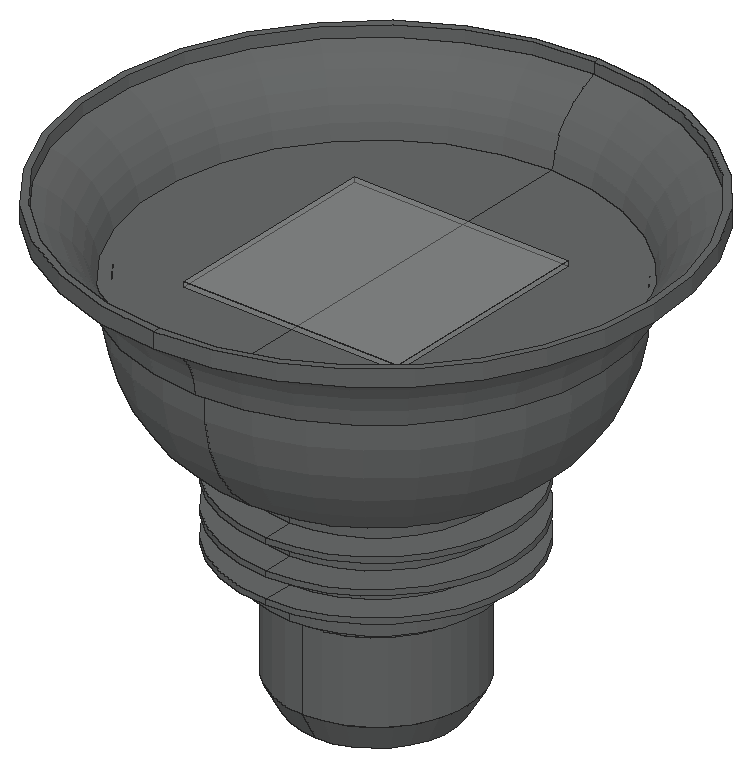
Revit family "Urban", category Lighting Fixtures, host Face, Revit 2021
Family settings
  Host = Face
  Round Connector Dimension = Use Diameter
  Part Type = Normal
  OmniClass Number = 23.80.70.14
  OmniClass Title = Luminaries for External Lighting
  Cut with Voids When Loaded = No
  Light Source = Yes
  Shared = No
  Room Calculation Point = No
Parameters (values of type "URBAN-BBT")
  Wattage Comments = "27-136 W"
  Wattage = 80 W
  Warranty = "Five year limited warranty"  # constant formula
  built-in parameter 1150110 = 1 (stored number, unit not read)
  Voltage = 120 V
  URL = "https://www.currentlighting.com/beacon"
  built-in parameter 1114217 = 1 (stored number, unit not read)
  Tilt Angle = -90.00°
  built-in parameter 1150109 = 1 (stored number, unit not read)
  built-in parameter 1150134 = (empty or 0)
  built-in parameter 1150113 = 1 (stored number, unit not read)
  Product Page URL = ""
  Product Documentation Link = ""
  Photometric Web File = "URB-21-36NB-80-5K-T5W.ies"
  Photometric Note = "For more photometric web file please refer to photometric link"  # constant formula
  Nominal Watts = 136 W
  Styles [instance] = Series : CAP-26
  Model = "Urban"  # constant formula
  Manufacturer = " BEACON PRODUCTS"  # constant formula
  built-in parameter 1150105 = 642.99 (stored number, unit not read)
  Lumens = 8080 lm
  built-in parameter 1150115 = 1 (stored number, unit not read)
  Load Classification = Lighting
  built-in parameter 1150137 = (empty or 0)
  built-in parameter 1150139 = (empty or 0)
  Light Bulb Material = Glass
  built-in parameter 1150112 = 1 (stored number, unit not read)
  built-in parameter 1150114 = 1 (stored number, unit not read)
  Lamp = "LED Lamp"
  built-in parameter 1150132 = (empty or 0)
  built-in parameter 1150102 = (empty or 0)
  built-in parameter 1150107 = 3000 (stored number, unit not read)
  built-in parameter 1150138 = (empty or 0)
  built-in parameter 1150106 = 6.4299 (stored number, unit not read)
  Finish = Paint -Basic Black Textured
  Features = "6 unique shade and style options\r\n20KV surge protection standard.\r\n2 sizes (large and small) offer a total appearance in all applications\r\nLED turtle-friendly option available\r\nDLC® (DesignLights Consortium) Qualified - see www.designlights.org"  # constant formula
  Emit from Rectangle Width = 10"  # constant formula
  Emit from Rectangle Length = 10"  # constant formula
  Emit Shape Visible in Rendering = no
  built-in parameter 1150104 = 9.3832 (stored number, unit not read)
  Dimming Lamp Color Temperature Shift = <None>
  Description = "In applications where a decorative LED luminaire is desired for roadway or area lighting, the Urban is your ultimate solution"  # constant formula
  Default Elevation = 48"
  Copyright = "© BEACON PRODUCTS"  # constant formula
  Color Filter = 16777215
  Certifications = "• DesignLights Consortium (DLC) qualified,\r\nconsult DLC website for more details: http://\r\n www.designlights.org/QPL\r\n• NRTL Certified, UL8750, UL 1598 and\r\nCSA22.2#250. 13-14 for wet locations\r\n• IDA approved"  # constant formula
  built-in parameter 1114218 = 1 (stored number, unit not read)
  built-in parameter 1150133 = 10 (stored number, unit not read)
  Apparent Load = 80 VA  # constant formula
Types (13): name | Nominal Watts | Styles | Finish
  (no name) | 136 W | Series : CAP-26 | Paint -Basic Black Textured
  URBAN-WHT | 136 W | Series : CAP-26 | Paint - White Texture
  URBAN-BBT | 136 W | Series : CAP-26 | Paint -Basic Black Textured
  URBAN-BMT | 80 W | Series : MRSS-26 | Paint - Black Matte Textured
  URBAN-MBT | 136 W | Series : MAR-26 | Paint - Metallic Bronze Textured
  URBAN-BZT | 136 W | Series : MAR-26 | Paint - Bronze Textured
  URBAN-DBT | 136 W | Series : MAR-26 | Paint - Dark Bronze Textured
  URBAN-GYS | 136 W | Series : MAR-26 | Paint - Gray Smooth
  URBAN-DPS | 136 W | Series : MRSS-26 | Paint -  Dark Platinum Smooth
  URBAN-GNT | 136 W | Series : MAR-26 | Paint -  Green Textured
  URBAN-MST | 136 W | Series : MAR-26 | Paint - Metallic Silver Textured
  URBAN-MTT | 136 W | Series : MAR-26 | Paint -  Metallic Titanium Textured
  URBAN-OWI | 136 W | Series : MAR-26 | Paint -  Old World Iron
Reference planes (in)
  plane 1 "Center (Front/Back)": y = 0.03999
  plane 2: z = 0
  plane 3 "Center (Left/Right)": x = 1.66944
  plane 4: z = 11
Lines and regions (in)
  reference lines
    curve 1: line (-15.83056, 0.03999, 11) -> (19.91944, 0.03999, 11)
Dimensions and locks (in)
  plane 4 to plane 2 = 11"
  aligned and locked: plane 2 to host face
  aligned and locked: level to host face
  aligned and locked: plane 3 "Center (Left/Right)" to nested 1
  aligned and locked: level to plane 2
  aligned and locked: plane 1 "Center (Front/Back)" to curve 1
  aligned and locked: plane 3 "Center (Left/Right)" to imposter light
Nested families (in)
  nested 1: "Series" at (0, 0, 0), type <- "Styles", Finish <- "Finish", type "CAP-26"
    with Finish Paint -Basic Black Textured, CAP-26-Cover yes, CAP-21-Cover no
Connectors (in)
  electrical at (1.66944, 0.03999, 0), driven by "Load Classification", driven by "Voltage", driven by "Apparent Load"
    settings: on nested 1, index 1, voltage 120 V, apparent load 80 VA, apparent load phase1 0 VA, apparent load phase2 0 VA, apparent load phase3 0 VA, power factor 1, load classification "Lighting", number of poles 1, system type 30, power factor state 1, is connector primary yes, connector utility no, sub classification motor no, connector description "Electrical Connector"
Definition of nested family "Series"
  Parameters
    Wattage Comments = ""
    Voltage = ""
    URL = "http://www.beaconproducts.com/"
    Product Page URL = ""
    Product Documentation Link = ""
    Nominal Watts = 0 W
    Model = ""
    Manufacturer Phone = "800-345-4928"  # constant formula
    Manufacturer Fax = "941-751-5535"  # constant formula
    Manufacturer = "Beacon Lighting"  # constant formula
    MRSS-26-Cover = no
    MRDS-26-Cover = no
    MRDS-21-Cover = no
    MAR-26-Cover = no
    MAR-21-Cover = no
    Lamp = ""
    Glass = none
    Finish [instance] = none
    Description = ""  # constant formula
    Default Elevation = 48"
    CAP-26-Cover = no
    CAP-21-Cover = yes
    Apparent Load = 0 VA
  Reference planes (in)
    plane 1 "Center (Front/Back)": y = 0.03999
    plane 2: z = 0
    plane 3 "Center (Left/Right)": x = 1.66944
    plane 4: y = 10.53999
    plane 5: y = -10.46001
    plane 6: z = 21
    plane 7: z = 18
    plane 8: z = 21.75
    plane 9: y = 13.03999
    plane 10: y = -12.96001
    plane 11: z = 10.875
    plane 12: z = 17.9
    plane 13: z = 21.3
    plane 14: z = 18.9
  Forms (in)
    Extrusion 1, solid
      sketch origin (0, 0, 0.06357) x (1, 0, 0) y (0, 1, 0)
        loop
          line (-48, 48) -> (-48, -48) -> (48, -48) -> (48, 48) -> (-48, 48)
      from -0.06357 to -17.74365
    Revolve 2, solid, material <- "Finish", visible <- "CAP-26-Cover"
      sketch origin (1.66944, 0, 0) x (0, 1, 0) y (0, 0, 1)
        loop
          line (-12.96001, 21.75) -> (-12.96001, 21)
          arc (-12.96001, 21) -> (-11.24461, 19.88783) -> (-10.46001, 18) r 3.44949
          line (-10.46001, 18) -> (-9.96001, 18)
          arc (-9.96001, 18) -> (-8.79626, 13.50571) -> (-4.97103, 10.875) r 6.63359
          line (-4.97103, 10.875) -> (-4.97103, 10.22744) -> (-6.39643, 10.22744) -> (-6.39643, 9.97744) -> (-4.97103, 9.97744) -> (-4.97103, 8.85191) -> (-6.39643, 8.85191) -> (-6.39643, 8.60191) -> (-4.97103, 8.60191) -> (-4.97103, 7.66185) -> (-6.39643, 7.66185) -> (-6.39643, 7.41185) -> (-4.97103, 7.41185) -> (-4.97103, 6.125) -> (-4.72103, 6.125)
          arc (-4.72103, 6.125) -> (-4.36748, 5.97855) -> (-4.22103, 5.625) r 0.5
          line (-4.22103, 5.625) -> (-4.22103, 1.875) -> (-3.47103, 0.57596) -> (0.03999, 0.57596) -> (0.03999, 8.75998) -> (-4.46001, 8.75998) -> (-4.46001, 11.07283)
          arc (-4.46001, 11.07283) -> (-8.42819, 13.50906) -> (-9.6583, 18) r 6.33359
          line (-9.6583, 18) -> (0.03999, 18) -> (0.03999, 18.3) -> (-10.19678, 18.3)
          arc (-10.19678, 18.3) -> (-11.02865, 20.09719) -> (-12.66001, 21.21994) r 3.74949
          line (-12.66001, 21.21994) -> (-12.66001, 21.75) -> (-12.96001, 21.75)
        axis (0.03999, 21.75) -> (0.03999, 0.57596)
      angle from 0 to 360
    Revolve 3, solid, material <- "Glass", not visible
      sketch origin (1.66944, 0, 0) x (0, 1, 0) y (0, 0, 1)
        loop
          line (-4.46001, 11.07283) -> (-4.46001, 10.875) -> (0.03999, 10.875) -> (0.03999, 11.07283) -> (-4.46001, 11.07283)
        axis (0.03999, 11.07283) -> (0.03999, 10.875)
      angle from 0 to 360
    Revolve 4, solid, material <- "Finish", visible <- "MRDS-26-Cover"
      sketch origin (1.66944, 0, 0) x (0, 1, 0) y (0, 0, 1)
        loop
          line (-10.46001, 18) -> (-9.96001, 18) -> (-4.97103, 10.875) -> (-4.97103, 10.22744) -> (-6.39643, 10.22744) -> (-6.39643, 9.97744) -> (-4.97103, 9.97744) -> (-4.97103, 8.85191) -> (-6.39643, 8.85191) -> (-6.39643, 8.60191) -> (-4.97103, 8.60191) -> (-4.97103, 7.66185) -> (-6.39643, 7.66185) -> (-6.39643, 7.41185) -> (-4.97103, 7.41185) -> (-4.97103, 6.125) -> (-4.72103, 6.125)
          arc (-4.72103, 6.125) -> (-4.36748, 5.97855) -> (-4.22103, 5.625) r 0.5
          line (-4.22103, 5.625) -> (-4.22103, 1.875) -> (-3.47103, 0.57596) -> (0.03999, 0.57596) -> (0.03999, 8.75998) -> (-4.46001, 8.75998) -> (-4.46001, 11.06623) -> (-9.49795, 18) -> (0.03999, 18) -> (0.03999, 18.19206) -> (-10.22954, 18.19206) -> (-12.5695, 21) -> (-12.96001, 21) -> (-10.46001, 18)
        axis (0.03999, 21) -> (0.03999, 0.57596)
      angle from 0 to 360
    Revolve 5, solid, material <- "Glass", not visible
      sketch origin (1.66944, 0, 0) x (0, 1, 0) y (0, 0, 1)
        loop
          line (-4.46001, 11.06623) -> (-4.46001, 10.875) -> (0.03999, 10.875) -> (0.03999, 11.06623) -> (-4.46001, 11.06623)
        axis (0.03999, 11.06623) -> (0.03999, 10.875)
      angle from 0 to 360
    Revolve 6, solid, material <- "Finish", visible <- "CAP-21-Cover"
      sketch origin (1.66944, 0, 0) x (0, 1, 0) y (0, 0, 1)
        loop
          line (0.03999, 0.57596) -> (0.03999, 6.125) -> (-4.46001, 6.125) -> (-4.46001, 9.77938)
          arc (-4.46001, 9.77938) -> (-6.31247, 11.67778) -> (-6.95995, 14.25) r 5.09602
          line (-6.95995, 14.25) -> (0.03999, 14.25) -> (0.03999, 14.55) -> (-7.69678, 14.55)
          arc (-7.69678, 14.55) -> (-8.51833, 16.35589) -> (-10.16001, 17.46994) r 3.6685
          line (-10.16001, 17.46994) -> (-10.16001, 18) -> (-10.46001, 18) -> (-10.46001, 17.25)
          arc (-10.46001, 17.25) -> (-8.76148, 16.12377) -> (-7.96001, 14.25) r 3.55688
          line (-7.96001, 14.25) -> (-7.46001, 14.25)
          arc (-7.46001, 14.25) -> (-6.81906, 11.56322) -> (-4.97103, 9.51033) r 5.59602
          line (-4.97103, 9.51033) -> (-4.97103, 4.47336) -> (-4.74058, 4.47336)
          arc (-4.74058, 4.47336) -> (-4.38702, 4.32691) -> (-4.24058, 3.97336) r 0.5
          line (-4.24058, 3.97336) -> (-4.24058, 1.90885) -> (-3.47103, 0.57596) -> (0.03999, 0.57596)
        axis (0.03999, 18) -> (0.03999, 0.57596)
      angle from 0 to 360
    Revolve 7, solid, material <- "Finish", visible <- "MRSS-26-Cover"
      sketch origin (1.66944, 0, 0) x (0, 1, 0) y (0, 0, 1)
        loop
          line (0.03999, 0.57596) -> (0.03999, 6.125) -> (-4.67124, 6.125) -> (-4.67124, 8.86672) -> (-9.42631, 14.25) -> (0.03999, 14.25) -> (0.03999, 14.65) -> (-10.24594, 14.65) -> (-12.47927, 18) -> (-12.96001, 18) -> (-10.46001, 14.25) -> (-9.96001, 14.25) -> (-4.97103, 8.60191) -> (-4.97103, 4.47336) -> (-4.24058, 4.47336) -> (-4.24058, 1.90885) -> (-3.47103, 0.57596) -> (0.03999, 0.57596)
        axis (0.03999, 18) -> (0.03999, 0.57596)
      angle from 0 to 360
    Revolve 8, solid, material <- "Glass", not visible
      sketch origin (1.66944, 0, 0) x (0, 1, 0) y (0, 0, 1)
        loop
          line (-4.67124, 8.86672) -> (-4.67124, 8.59693) -> (0.03999, 8.59693) -> (0.03999, 8.86672) -> (-4.67124, 8.86672)
        axis (0.03999, 8.86672) -> (0.03999, 8.59693)
      angle from 0 to 360
    Revolve 9, solid, material <- "Finish", visible <- "MAR-26-Cover"
      sketch origin (1.66944, 0, 0) x (0, 1, 0) y (0, 0, 1)
        loop
          line (0.03999, 0.57596) -> (0.03999, 8.30231) -> (-4.27124, 8.30231) -> (-4.27124, 10.875)
          arc (-4.27124, 10.875) -> (-5.50997, 15.10562) -> (-8.83491, 18) r 7.84376
          line (-8.83491, 18) -> (0.03999, 18) -> (0.03999, 18.4) -> (-10.26122, 18.4) -> (-12.45818, 21.3) -> (-12.96001, 21.3) -> (-10.46001, 18) -> (-10.31001, 18)
          arc (-10.31001, 18) -> (-6.48792, 15.31169) -> (-5.02124, 10.875) r 7.44376
          line (-5.02124, 10.875) -> (-5.02124, 10.22744) -> (-6.39643, 10.22744) -> (-6.39643, 9.97744) -> (-5.02124, 9.97744) -> (-5.02124, 8.85191) -> (-6.39643, 8.85191) -> (-6.39643, 8.60191) -> (-5.02124, 8.60191) -> (-5.02124, 7.66185) -> (-6.39643, 7.66185) -> (-6.39643, 7.41185) -> (-5.02124, 7.41185) -> (-5.02124, 6.125) -> (-4.24058, 6.125) -> (-4.24058, 1.90885) -> (-3.47103, 0.57596) -> (0.03999, 0.57596)
        axis (0.03999, 21.3) -> (0.03999, 0.57596)
      angle from 0 to 360
    Revolve 10, solid, material <- "Glass", not visible
      sketch origin (1.66944, 0, 0) x (0, 1, 0) y (0, 0, 1)
        loop
          line (-4.46001, 11.07283) -> (-4.46001, 10.875) -> (0.03999, 10.875) -> (0.03999, 11.07283) -> (-4.46001, 11.07283)
        axis (0.03999, 11.07283) -> (0.03999, 10.875)
      angle from 0 to 360
    Revolve 11, solid, material <- "Finish", visible <- "MAR-21-Cover"
      sketch origin (1.66944, 0, 0) x (0, 1, 0) y (0, 0, 1)
        loop
          line (0.03999, 0.57596) -> (0.03999, 10.22744) -> (-3.84058, 10.22744)
          arc (-3.84058, 10.22744) -> (-4.83445, 13.62024) -> (-7.50188, 15.94052) r 6.28798
          line (-7.50188, 15.94052) -> (0.03999, 15.94052) -> (0.03999, 16.28548) -> (-8.44369, 16.28548) -> (-9.9949, 18.9) -> (-10.46001, 18.9) -> (-8.70412, 15.94052)
          arc (-8.70412, 15.94052) -> (-5.48876, 13.85244) -> (-4.24058, 10.22744) r 5.88798
          line (-4.24058, 10.22744) -> (-4.24058, 6.125) -> (-3.72103, 6.125) -> (-3.72103, 1.00897) -> (-3.47103, 0.57596) -> (0.03999, 0.57596)
        axis (0.03999, 18.9) -> (0.03999, 0.57596)
      angle from 0 to 360
    Revolve 12, solid, material <- "Glass", not visible
      sketch origin (1.66944, 0, 0) x (0, 1, 0) y (0, 0, 1)
        loop
          line (-4.03198, 11.07283) -> (-4.03198, 10.875) -> (0.03999, 10.875) -> (0.03999, 11.07283) -> (-4.03198, 11.07283)
        axis (0.03999, 11.07283) -> (0.03999, 10.875)
      angle from 0 to 360
    Revolve 13, solid, material <- "Finish", visible <- "MRDS-21-Cover"
      sketch origin (1.66944, 0, 0) x (0, 1, 0) y (0, 0, 1)
        loop
          line (0.03999, 0.57596) -> (0.03999, 8.97465) -> (-4.03832, 8.97465) -> (-4.03832, 10.37439) -> (-8.08235, 15.94052) -> (0.03999, 15.94052) -> (0.03999, 16.19052) -> (-8.59246, 16.19052) -> (-10.12432, 17.9) -> (-10.46001, 17.9) -> (-8.70412, 15.94052) -> (-8.39137, 15.94052) -> (-4.24058, 10.22744) -> (-4.24058, 1.90885) -> (-3.49701, 0.57596) -> (0.03999, 0.57596)
        axis (0.03999, 17.9) -> (0.03999, 0.57596)
      angle from 0 to 360
    Revolve 14, solid, material <- "Glass", not visible
      sketch origin (1.66944, 0, 0) x (0, 1, 0) y (0, 0, 1)
        loop
          line (-4.03832, 10.37439) -> (-4.03832, 9.97744) -> (0.03999, 9.97744) -> (0.03999, 10.37439) -> (-4.03832, 10.37439)
        axis (0.03999, 10.37439) -> (0.03999, 9.97744)
      angle from 0 to 360
    Extrusion 15, solid, material <- "Glass", visible <- "CAP-21-Cover"
      sketch origin (0, 0, 0) x (1, 0, 0) y (0, 1, 0)
        loop
          line (-2.33056, 4.03999) -> (-2.33056, -3.96001) -> (5.66944, -3.96001) -> (5.66944, 4.03999) -> (-2.33056, 4.03999)
      from 14.55 to 14.8
    Extrusion 16, solid, material <- "Glass", visible <- "CAP-26-Cover"
      sketch origin (0, 0, -1.25) x (1, 0, 0) y (0, 1, 0)
        loop
          line (-3.33056, 5.03999) -> (-3.33056, -4.96001) -> (6.66944, -4.96001) -> (6.66944, 5.03999) -> (-3.33056, 5.03999)
      from 19.55 to 19.8
    Extrusion 17, solid, material <- "Glass", visible <- "MAR-21-Cover"
      sketch origin (0, 0, -3.5) x (1, 0, 0) y (0, 1, 0)
        loop
          line (-2.33056, 4.03999) -> (-2.33056, -3.96001) -> (5.66944, -3.96001) -> (5.66944, 4.03999) -> (-2.33056, 4.03999)
      from 19.78548 to 20.03548
    Extrusion 18, solid, material <- "Glass", visible <- "MAR-26-Cover"
      sketch origin (0, 0, -4.75) x (1, 0, 0) y (0, 1, 0)
        loop
          line (-3.33056, 5.03999) -> (-3.33056, -4.96001) -> (6.66944, -4.96001) -> (6.66944, 5.03999) -> (-3.33056, 5.03999)
      from 23.15 to 23.4
    Extrusion 19, solid, material <- "Glass", visible <- "MRDS-21-Cover"
      sketch origin (0, 0, -2) x (1, 0, 0) y (0, 1, 0)
        loop
          line (-2.33056, 4.03999) -> (-2.33056, -3.96001) -> (5.66944, -3.96001) -> (5.66944, 4.03999) -> (-2.33056, 4.03999)
      from 18.19052 to 18.44052
    Extrusion 20, solid, material <- "Glass", visible <- "MRDS-26-Cover"
      sketch origin (0, 0, 1.25) x (1, 0, 0) y (0, 1, 0)
        loop
          line (-3.33056, 5.03999) -> (-3.33056, -4.96001) -> (6.66944, -4.96001) -> (6.66944, 5.03999) -> (-3.33056, 5.03999)
      from 16.94206 to 17.19206
    Extrusion 21, solid, material <- "Glass", visible <- "MRSS-26-Cover"
      sketch origin (0, 0, -4.62465) x (1, 0, 0) y (0, 1, 0)
        loop
          line (-3.33056, 5.03999) -> (-3.33056, -4.96001) -> (6.66944, -4.96001) -> (6.66944, 5.03999) -> (-3.33056, 5.03999)
      from 19.27465 to 19.52465
    Extrusion 22, solid, material <- "Finish"
      sketch origin (0, 0, 0) x (1, 0, 0) y (0, 1, 0)
        loop
          circle (1.66944, 0.03999) r 0.75
      from 0 to 0.57596
  Dimensions and locks (in)
    equal spacing: plane 4, plane 1 "Center (Front/Back)", plane 5
    locked: plane 1 "Center (Front/Back)" to plane 5 at 10.5
    locked: plane 6 to plane 2 at 21
    locked: plane 7 to plane 2 at 18
    locked: plane 8 to plane 2 at 21.75
    locked: plane 1 "Center (Front/Back)" to plane 10 at 13
    equal spacing: plane 9, plane 1 "Center (Front/Back)", plane 10
    equal spacing: plane 8, plane 11, plane 2
    locked: plane 12 to plane 2 at 17.9
    locked: plane 13 to plane 2 at 21.3
    plane 14 to plane 2 = 18.9"
    aligned and locked: plane 2 to Extrusion 1
    aligned and locked: level to Extrusion 1
    aligned and locked: Revolve 2 sketch curve to plane 8
    aligned and locked: plane 1 "Center (Front/Back)" to Revolve 2 sketch curve
    aligned and locked: plane 1 "Center (Front/Back)" to Revolve 3 sketch curve  (x2)
    aligned and locked: Revolve 3 sketch curve to Revolve 2  (x2)
    aligned and locked: Revolve 2 sketch curve to Revolve 2 sketch curve  (x2)
    aligned and locked: plane 11 to Revolve 3 sketch curve
    aligned and locked: plane 1 "Center (Front/Back)" to Revolve 4 sketch curve
    aligned and locked: plane 1 "Center (Front/Back)" to Revolve 5 sketch curve  (x2)
    aligned and locked: Revolve 2 to Revolve 5 sketch curve
    aligned and locked: plane 1 "Center (Front/Back)" to Revolve 6 sketch curve  (x2)
    aligned and locked: plane 1 "Center (Front/Back)" to Revolve 7 sketch curve  (x2)
    aligned and locked: Revolve 8 sketch curve to Revolve 7  (x2)
    aligned and locked: plane 1 "Center (Front/Back)" to Revolve 8 sketch curve
    aligned and locked: Revolve 8 sketch curve to Revolve 8 sketch curve
    aligned and locked: plane 1 "Center (Front/Back)" to Revolve 9 sketch curve
    aligned and locked: plane 1 "Center (Front/Back)" to Revolve 10 sketch curve  (x2)
    aligned and locked: Revolve 10 sketch curve to Revolve 2  (x2)
    aligned and locked: Revolve 2 to Revolve 10 sketch curve
    aligned and locked: plane 1 "Center (Front/Back)" to Revolve 11 sketch curve
    aligned and locked: Revolve 11 sketch curve to Revolve 11 sketch curve
    aligned and locked: Revolve 12 sketch curve to Revolve 2
    aligned and locked: Revolve 2 to Revolve 12 sketch curve
    aligned and locked: plane 1 "Center (Front/Back)" to Revolve 12 sketch curve  (x2)
    aligned and locked: plane 1 "Center (Front/Back)" to Revolve 13 sketch curve
    aligned and locked: plane 1 "Center (Front/Back)" to Revolve 14 sketch curve  (x2)
    aligned and locked: Revolve 14 sketch curve to Revolve 13  (x2)
    aligned and locked: Revolve 14 sketch curve to Revolve 2
  Automatic sketch dimensions
    Extrusion 1 sketch curve to Extrusion 1 sketch curve = 96"  (x2)
    Revolve 2 sketch curve to Revolve 2 sketch curve = 0"  (x7)
    Revolve 2 sketch curve to plane 6 = 0"
    Revolve 2 sketch curve to plane 10 = 0"
    Revolve 2 sketch curve to plane 5 = 0"
    Revolve 2 sketch curve to plane 7 = 0"  (x2)
    Revolve 2 sketch curve to plane 11 = 0"
    Revolve 2 sketch curve to plane 1 "Center (Front/Back)" = 0"
    Revolve 2 sketch curve to plane 12 = 0.22047"
    Revolve 2 sketch curve to Revolve 2 sketch curve = 0.3"
    Revolve 2 sketch curve to plane 5 = 0.26322"
    Revolve 2 sketch curve to Revolve 2 sketch curve = 0.23678"
    Revolve 2 sketch curve to Revolve 2 sketch curve = 0.30171"
    Revolve 2 sketch curve to plane 11 = 0.89756"
    Revolve 2 sketch curve to plane 5 = 4.06358"
    Revolve 2 sketch curve to Revolve 2 sketch curve = 1.4254"
    Revolve 2 sketch curve to Revolve 2 sketch curve = 1/4"  (x4)
    plane 11 to Revolve 2 sketch curve = 0.19783"
    Revolve 2 sketch curve to Revolve 2 sketch curve = 0.51102"
    Revolve 2 sketch curve to Revolve 2 sketch curve = 1/2"
    Revolve 2 sketch curve to Revolve 2 sketch curve = 3/4"
    Revolve 2 sketch curve to Revolve 2 sketch curve = 1.29904"
    Revolve 2 sketch curve to Revolve 2 sketch curve = 3 3/4"
    Revolve 2 sketch curve to Revolve 2 sketch curve = 1.28685"
    Revolve 2 sketch curve to Revolve 2 sketch curve = 0.94006"
    Revolve 2 sketch curve to Revolve 2 sketch curve = 0.15807"
    plane 7 to Revolve 2 sketch curve = 0.3"
    plane 8 to Revolve 2 sketch curve = 3.05"
    Revolve 3 sketch curve to level = 7"
    plane 8 to Revolve 3 sketch curve = 7 1/2"
    Revolve 4 sketch curve to plane 6 = 0"
    Revolve 4 sketch curve to plane 10 = 0"
    Revolve 4 sketch curve to plane 5 = 0"
    Revolve 4 sketch curve to plane 7 = 0"  (x2)
    Revolve 4 sketch curve to plane 11 = 0"
    Revolve 4 sketch curve to plane 1 "Center (Front/Back)" = 0"
    Revolve 4 sketch curve to plane 10 = 0.39051"
    Revolve 4 sketch curve to plane 5 = 59/256"
    Revolve 4 sketch curve to Revolve 4 sketch curve = 69/256"
    Revolve 4 sketch curve to Revolve 4 sketch curve = 0.46206"
    Revolve 4 sketch curve to plane 5 = 4.06358"
    Revolve 4 sketch curve to plane 11 = 0.64756"
    Revolve 4 sketch curve to Revolve 4 sketch curve = 0"  (x4)
    Revolve 4 sketch curve to Revolve 4 sketch curve = 1.4254"  (x2)
    Revolve 4 sketch curve to Revolve 4 sketch curve = 1/4"  (x4)
    plane 11 to Revolve 4 sketch curve = 0.19123"
    Revolve 4 sketch curve to Revolve 4 sketch curve = 0.51102"
    Revolve 4 sketch curve to Revolve 4 sketch curve = 1/2"
    Revolve 4 sketch curve to Revolve 4 sketch curve = 3/4"
    Revolve 4 sketch curve to Revolve 4 sketch curve = 1.29904"
    Revolve 4 sketch curve to Revolve 4 sketch curve = 3 3/4"
    Revolve 4 sketch curve to Revolve 4 sketch curve = 1.28685"
    Revolve 4 sketch curve to Revolve 4 sketch curve = 0.94006"
    Revolve 4 sketch curve to Revolve 4 sketch curve = 0.15807"
    plane 7 to Revolve 4 sketch curve = 0.19206"
    plane 8 to Revolve 4 sketch curve = 11 1/4"
    plane 11 to Revolve 5 sketch curve = 0.19123"
    plane 1 "Center (Front/Back)" to Revolve 5 sketch curve = 4 1/2"
    level to Revolve 5 sketch curve = 4.22419"
    Revolve 5 sketch curve to plane 12 = 2.275"
    Revolve 6 sketch curve to Revolve 6 sketch curve = 0"  (x2)
    Revolve 6 sketch curve to plane 5 = 0"
    Revolve 6 sketch curve to plane 7 = 0"
    Revolve 6 sketch curve to plane 1 "Center (Front/Back)" = 0"
    plane 5 to Revolve 6 sketch curve = 0.86235"
    Revolve 6 sketch curve to Revolve 6 sketch curve = 0.17159"
    Revolve 6 sketch curve to plane 5 = 0.3"
    Revolve 6 sketch curve to plane 5 = 2 1/2"
    Revolve 6 sketch curve to Revolve 6 sketch curve = 0.26322"
    Revolve 6 sketch curve to Revolve 6 sketch curve = 0.23678"
    Revolve 6 sketch curve to Revolve 6 sketch curve = 0.50006"
    Revolve 6 sketch curve to plane 11 = 1.36467"
    plane 1 "Center (Front/Back)" to Revolve 6 sketch curve = 5.01102"
    Revolve 6 sketch curve to Revolve 6 sketch curve = 59/256"
    Revolve 6 sketch curve to Revolve 6 sketch curve = 0.28057"
    Revolve 6 sketch curve to Revolve 6 sketch curve = 1/2"
    Revolve 6 sketch curve to Revolve 6 sketch curve = 197/256"
    plane 1 "Center (Front/Back)" to Revolve 6 sketch curve = 1.90462"
    Revolve 6 sketch curve to Revolve 6 sketch curve = 1.33289"
    Revolve 6 sketch curve to Revolve 6 sketch curve = 2.0645"
    Revolve 6 sketch curve to plane 11 = 4 3/4"
    Revolve 6 sketch curve to Revolve 6 sketch curve = 0.26905"
    plane 11 to Revolve 6 sketch curve = 2.97172"
    Revolve 6 sketch curve to Revolve 6 sketch curve = 0.14373"
    Revolve 6 sketch curve to Revolve 6 sketch curve = 4.3856"
    Revolve 6 sketch curve to Revolve 6 sketch curve = 0.3"
    plane 8 to Revolve 6 sketch curve = 1 3/4"
    Revolve 7 sketch curve to plane 7 = 0"
    Revolve 7 sketch curve to plane 10 = 0"
    Revolve 7 sketch curve to plane 5 = 0"
    Revolve 7 sketch curve to plane 1 "Center (Front/Back)" = 0"
    Revolve 7 sketch curve to Revolve 7 sketch curve = 0.48074"
    Revolve 7 sketch curve to plane 5 = 0.21407"
    Revolve 7 sketch curve to Revolve 7 sketch curve = 0.28593"
    Revolve 7 sketch curve to Revolve 7 sketch curve = 0.5337"
    plane 1 "Center (Front/Back)" to Revolve 7 sketch curve = 5.01102"
    Revolve 7 sketch curve to Revolve 7 sketch curve = 0.29979"
    Revolve 7 sketch curve to Revolve 7 sketch curve = 187/256"
    Revolve 7 sketch curve to Revolve 7 sketch curve = 197/256"
    Revolve 7 sketch curve to Revolve 7 sketch curve = 1.33289"
    Revolve 7 sketch curve to Revolve 7 sketch curve = 2.5645"
    Revolve 7 sketch curve to Revolve 7 sketch curve = 1.65164"
    Revolve 7 sketch curve to plane 11 = 2.27309"
    Revolve 7 sketch curve to Revolve 7 sketch curve = 0.26481"
    plane 11 to Revolve 7 sketch curve = 3 3/8"
    Revolve 7 sketch curve to Revolve 7 sketch curve = 0"
    Revolve 7 sketch curve to Revolve 7 sketch curve = 0.4"
    plane 8 to Revolve 7 sketch curve = 5 1/4"
    Revolve 8 sketch curve to Revolve 8 sketch curve = 0.26978"
    Revolve 8 sketch curve to level = 3.63328"
    plane 8 to Revolve 8 sketch curve = 4.61672"
    Revolve 9 sketch curve to plane 10 = 0"
    Revolve 9 sketch curve to plane 11 = 0"  (x2)
    Revolve 9 sketch curve to plane 13 = 0"
    Revolve 9 sketch curve to plane 5 = 0"
    Revolve 9 sketch curve to plane 7 = 0"  (x2)
    Revolve 9 sketch curve to plane 1 "Center (Front/Back)" = 0"
    Revolve 9 sketch curve to plane 10 = 0.49501"
    Revolve 9 sketch curve to plane 10 = 0.50182"
    Revolve 9 sketch curve to Revolve 9 sketch curve = 0.35"
    Revolve 9 sketch curve to Revolve 9 sketch curve = 0.15"
    Revolve 9 sketch curve to plane 5 = 0.19879"
    Revolve 9 sketch curve to Revolve 9 sketch curve = 1.4751"
    Revolve 9 sketch curve to plane 11 = 0.64756"
    Revolve 9 sketch curve to Revolve 9 sketch curve = 1.3752"
    Revolve 9 sketch curve to Revolve 9 sketch curve = 0"  (x4)
    Revolve 9 sketch curve to Revolve 9 sketch curve = 3/4"
    Revolve 9 sketch curve to Revolve 9 sketch curve = 0.78066"
    Revolve 9 sketch curve to Revolve 9 sketch curve = 197/256"
    Revolve 9 sketch curve to Revolve 9 sketch curve = 1.33289"
    Revolve 9 sketch curve to Revolve 9 sketch curve = 4.10244"
    Revolve 9 sketch curve to Revolve 9 sketch curve = 1.28685"
    Revolve 9 sketch curve to Revolve 9 sketch curve = 1/4"  (x3)
    Revolve 9 sketch curve to plane 11 = 2.57269"
    Revolve 9 sketch curve to Revolve 9 sketch curve = 0.94006"
    plane 7 to Revolve 9 sketch curve = 0.4"
    plane 8 to Revolve 9 sketch curve = 9"
    Revolve 10 sketch curve to Revolve 10 sketch curve = 1.46509"
    Revolve 10 sketch curve to plane 12 = 1.36208"
    Revolve 11 sketch curve to Revolve 11 sketch curve = 0"  (x2)
    Revolve 11 sketch curve to plane 5 = 0"
    Revolve 11 sketch curve to plane 14 = 0"
    Revolve 11 sketch curve to plane 1 "Center (Front/Back)" = 0"
    Revolve 11 sketch curve to plane 5 = 0.33146"
    Revolve 11 sketch curve to plane 5 = 0.4651"
    Revolve 11 sketch curve to plane 5 = 1.75589"
    Revolve 11 sketch curve to Revolve 11 sketch curve = 0.26043"
    Revolve 11 sketch curve to Revolve 11 sketch curve = 0.9418"
    Revolve 11 sketch curve to plane 11 = 0.64756"
    plane 1 "Center (Front/Back)" to Revolve 11 sketch curve = 4.28057"
    Revolve 11 sketch curve to Revolve 11 sketch curve = 0.4"
    Revolve 11 sketch curve to Revolve 11 sketch curve = 133/256"
    Revolve 11 sketch curve to Revolve 11 sketch curve = 1/4"
    Revolve 11 sketch curve to Revolve 11 sketch curve = 0.43301"
    Revolve 11 sketch curve to Revolve 11 sketch curve = 4.10244"
    Revolve 11 sketch curve to Revolve 11 sketch curve = 0.34496"
    plane 8 to Revolve 11 sketch curve = 11"
    plane 1 "Center (Front/Back)" to Revolve 12 sketch curve = 4.07197"
    Revolve 12 sketch curve to Revolve 12 sketch curve = 0.98922"
    Revolve 12 sketch curve to Revolve 12 sketch curve = 1.64054"
    Revolve 13 sketch curve to plane 5 = 0"
    Revolve 13 sketch curve to plane 12 = 0"
    Revolve 13 sketch curve to plane 1 "Center (Front/Back)" = 0"  (x2)
    Revolve 13 sketch curve to plane 5 = 0.33569"
    Revolve 13 sketch curve to plane 5 = 1.75589"
    Revolve 13 sketch curve to Revolve 13 sketch curve = 0.11166"
    Revolve 13 sketch curve to Revolve 13 sketch curve = 0.31275"
    Revolve 13 sketch curve to Revolve 13 sketch curve = 0.30902"
    level to Revolve 13 sketch curve = 1.90885"
    plane 1 "Center (Front/Back)" to Revolve 13 sketch curve = 4.28057"
    Revolve 13 sketch curve to Revolve 13 sketch curve = 0.20225"
    level to Revolve 13 sketch curve = 0.57596"
    Revolve 13 sketch curve to Revolve 13 sketch curve = 0.74356"
    Revolve 13 sketch curve to plane 11 = 1.90035"
    Revolve 13 sketch curve to plane 11 = 0.64756"
    Revolve 13 sketch curve to Revolve 13 sketch curve = 0.14695"
    Revolve 13 sketch curve to plane 12 = 1.95948"
    Revolve 13 sketch curve to Revolve 13 sketch curve = 0"
    Revolve 13 sketch curve to Revolve 13 sketch curve = 1/4"
    Revolve 13 sketch curve to Revolve 13 sketch curve = 0.45948"
    Revolve 14 sketch curve to level = 4"
    plane 8 to Revolve 14 sketch curve = 5 1/2"
    Extrusion 18 sketch curve to plane 3 "Center (Left/Right)" = 5"
    plane 3 "Center (Left/Right)" to Extrusion 18 sketch curve = 5"
    plane 1 "Center (Front/Back)" to Extrusion 18 sketch curve = 5"
    Extrusion 18 sketch curve to plane 1 "Center (Front/Back)" = 5"
    plane 1 "Center (Front/Back)" to Extrusion 22 sketch curve = 0"
    Extrusion 22 sketch curve to plane 3 "Center (Left/Right)" = 0"
    Revolve 13 sketch curve to Revolve 13 sketch curve = 3.8974"
    level to Revolve 11 sketch curve = 0.57596"
    Revolve 11 sketch curve to Revolve 11 sketch curve = 24.82596"
    plane 1 "Center (Front/Back)" to Revolve 9 sketch curve = 0"
    level to Revolve 9 sketch curve = 0.57596"
    Revolve 9 sketch curve to Revolve 9 sketch curve = 7.32596"
    level to Revolve 7 sketch curve = 0.57596"
    Revolve 7 sketch curve to Revolve 7 sketch curve = 6.07596"
    level to Revolve 6 sketch curve = 0.57596"
    Revolve 6 sketch curve to Revolve 6 sketch curve = 4.82596"
    level to Revolve 4 sketch curve = 0.57596"
    plane 1 "Center (Front/Back)" to Revolve 4 sketch curve = 0"
    Revolve 4 sketch curve to Revolve 4 sketch curve = 4.32596"
    level to Revolve 2 sketch curve = 0.57596"
    plane 1 "Center (Front/Back)" to Revolve 2 sketch curve = 0"
    Revolve 2 sketch curve to Revolve 2 sketch curve = 8.02596"
    Extrusion 16 sketch curve to plane 3 "Center (Left/Right)" = 5"
    plane 3 "Center (Left/Right)" to Extrusion 16 sketch curve = 5"
    plane 1 "Center (Front/Back)" to Extrusion 16 sketch curve = 5"
    Extrusion 16 sketch curve to plane 1 "Center (Front/Back)" = 5"
    Extrusion 20 sketch curve to plane 3 "Center (Left/Right)" = 5"
    plane 3 "Center (Left/Right)" to Extrusion 20 sketch curve = 5"
    plane 1 "Center (Front/Back)" to Extrusion 20 sketch curve = 5"
    Extrusion 20 sketch curve to plane 1 "Center (Front/Back)" = 5"
    Extrusion 17 sketch curve to plane 3 "Center (Left/Right)" = 4"
    plane 3 "Center (Left/Right)" to Extrusion 17 sketch curve = 4"
    plane 1 "Center (Front/Back)" to Extrusion 17 sketch curve = 4"
    Extrusion 17 sketch curve to plane 1 "Center (Front/Back)" = 4"
    Extrusion 21 sketch curve to plane 3 "Center (Left/Right)" = 5"
    plane 3 "Center (Left/Right)" to Extrusion 21 sketch curve = 5"
    plane 1 "Center (Front/Back)" to Extrusion 21 sketch curve = 5"
    Extrusion 21 sketch curve to plane 1 "Center (Front/Back)" = 5"
    plane 3 "Center (Left/Right)" to Extrusion 19 sketch curve = 4"
    Extrusion 19 sketch curve to plane 1 "Center (Front/Back)" = 4"
    Extrusion 19 sketch curve to plane 3 "Center (Left/Right)" = 4"
    plane 1 "Center (Front/Back)" to Extrusion 19 sketch curve = 4"
    plane 3 "Center (Left/Right)" to Extrusion 15 sketch curve = 4"
    Extrusion 15 sketch curve to plane 1 "Center (Front/Back)" = 4"
    Extrusion 15 sketch curve to plane 3 "Center (Left/Right)" = 4"
    plane 1 "Center (Front/Back)" to Extrusion 15 sketch curve = 4"
    radius of Extrusion 22 sketch curve = 3/4"
